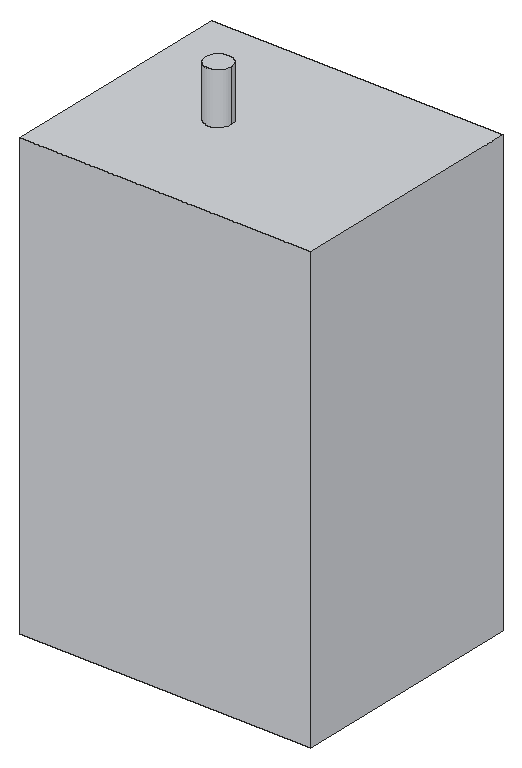
Revit family "M_Caldeira", category Equipamento mecânico, Revit 2019
Family settings
  Cota do conector redondo = Usar raio
  Tipo de parte = Normal
  Número OmniClass = 23.75.10.11.14
  Título OmniClass = Hot Water Heat Generators
  ID de item do Seek = Boiler-0000-CAN-ENU
  Com base no plano de trabalho = Não
  Sempre na vertical = Sim
  Corte com vazios quando carregada = Não
  Compartilhado = Não
  Ponto de cálculo do ambiente = Não
Parameters (values of type "Padrão")
  Queda de pressão [instance] = 11700.0 Pa
  Fluxo máximo [instance] = 14.5 L/s
  Conector = 40 mm
  Assembly Code = ""
Reference planes
  plane 1 "Centro (Frente/Trás)": y = 0
  plane 2: z = 0
  plane 3 "Centro (Esquerda/Direita)": x = 0
  plane 4: y = 355.6
  plane 5: x = 304.8
  plane 6: z = 254
Forms (mm)
  Extrusion 1, solid
    sketch origin (0, 0, 0) x (1, 0, 0) y (0, 1, 0)
      loop
        line (0, 0) -> (863.6, 0) -> (863.6, 711.2) -> (0, 711.2) -> (0, 0)
    from 0 to 1320.8
  Extrusion 2, solid
    sketch origin (0, 0, 0) x (1, 0, 0) y (0, 1, 0)
      loop
        circle (304.8, 355.6) r 38.1
    from 1320.8 to 1473.2
  Extrusion 3, solid
    sketch origin (0, 0, 0) x (1, 0, 0) y (0, 0, 1)
      loop
        circle (304.8, 254) r 38.1
    from -736.6 to -711.2
Dimensions and locks
  Extrusion 1 sketch curve to Extrusion 1 sketch curve = 711.2 mm
  Extrusion 1 sketch curve to Extrusion 1 sketch curve = 863.6 mm
  equal spacing: plane 1 "Centro (Frente/Trás)", plane 4, Extrusion 1
  plane 6 to level = 254 mm
Connectors
  piping at (304.8, 736.6, 254), diameter 80, driven by "Conector", driven by "Fluxo máximo"
    settings: on Extrusion 3, index 1, connector inside diameter 80 mm, connector length 0 mm, flow factor 0, pipe flow 14.5 L/s, pressure drop 0.0 Pa, fitting loss kfactor 0, connector angle 0.00°, fixture units 0, engagement length 0 mm, angle of deflection 0.00°, flow configuration 0, flow direction 1, fitting loss method 0, system type 8, joint type 0, gender type 0, connector reference index 0, connector utility 0, adjustable connector no, is connector primary no, connector description ""
  piping at (304.8, 355.6, 1473.2), diameter 80, driven by "Conector", driven by "Fluxo máximo", driven by "Queda de pressão"
    settings: on Extrusion 2, index 0, connector inside diameter 80 mm, connector length 0 mm, flow factor 0, pipe flow 14.5 L/s, pressure drop 11700.0 Pa, fitting loss kfactor 0, connector angle 0.00°, fixture units 0, engagement length 0 mm, angle of deflection 0.00°, flow configuration 0, flow direction 2, fitting loss method 4, system type 7, joint type 0, gender type 0, connector reference index 1, connector utility 0, adjustable connector no, is connector primary yes, connector description ""
